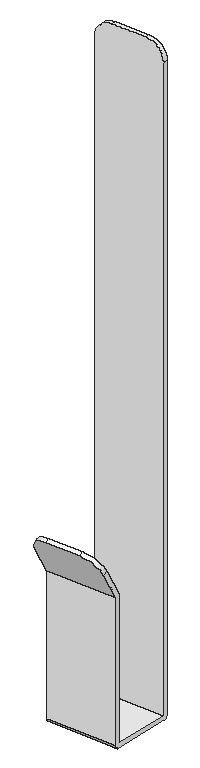
Revit family "Haworth_BuzziDesk_FlipFlop_WallFix", category Furniture, Revit 2018
Family settings
  OmniClass Number = 23.40.70.14.64.21
  OmniClass Title = Systems Furniture
  Work Plane-Based = No
  Always vertical = Yes
  Cut with Voids When Loaded = No
  Shared = No
  Room Calculation Point = No
Parameters (values of type "BuzziDesk - Flipflop - Wall Fix")
  Warranty = "http://www.haworth.com/resources/product-info/warranties"
  URL - Product = "https://www.haworth.com/products/workspaces/accessories/buzzidesk-flip-flop"
  URL = "http://www.haworth.com/our-brands/haworth-collection"
  Size = "Verify Final Dim. w/ Haworth"  # constant formula
  Revision Number = "1"  # constant formula
  Paint Finish [instance] = Haworth _ Paint _ White BTR-9010
  Model = "Haworth BuzziDesk"  # constant formula
  Manufacturer = "Haworth"  # constant formula
  Description = "Haworth BuzziDesk - Flipflop - Wall Fix"
  Author = "Haworth (Abd Rahman)"  # constant formula
  Assembly Code = "E2020200"
  Actual Width = 1 31/32"  # constant formula
  Actual Height = 17 47/128"  # constant formula
  Actual Depth = 2 205/256"  # constant formula
Reference planes (in)
  plane 1 "Center F/B": y = -4.97182
  plane 2: z = 0
  plane 3 "Back": y = -3.57143
  plane 4 "Front": y = -6.37221
  plane 5: x = 22.46518
  plane 6: z = 17.36719
  plane 7: x = 21.4808
  plane 8 "R1": x = 23.44955
  plane 9 "Angle 1": through (480, -6.44284, 5.20955) normal (0, 0.8717, 0.4901)
Forms (in)
  Extrusion 1, solid, material "Haworth _ Paint _ White BTR-9010" <- "Paint Finish"
    sketch origin (23.44955, 0, 0) x (0, -1, 0) y (0, 0, 1)
      loop
        arc (3.88143, 0.10291) -> (3.91157, 0.03014) -> (3.98434, 0) r 0.10291
        line (3.98434, 0) -> (5.61033, 0)
        arc (5.61033, 0) -> (5.68179, 0.0296) -> (5.7114, 0.10107) r 0.10107
        line (5.7114, 0.10107) -> (5.7114, 3.90858) -> (5.5914, 3.94) -> (5.5914, 0.12) -> (4.00143, 0.12) -> (4.00143, 17.36711) -> (3.88143, 17.36711) -> (3.88143, 0.10291)
    from 0 to 1.96875
  Extrusion 2, solid
    sketch origin (0, -3.57133, 0) x (-1, 0, 0) y (0, 0, 1)
      loop
        line (-21.98018, 16.64875) -> (-22.95018, 16.64875) -> (-22.95018, 4.36862) -> (-21.98018, 4.36862) -> (-21.98018, 16.64875)
    from 0 to -0.31
  Extrusion 3, void
    sketch origin (0, -3.57143, 0) x (-1, 0, 0) y (0, 0, 1)
      loop
        arc (-21.98018, 17.36711) -> (-21.62707, 17.22085) -> (-21.4808, 16.86773) r 0.49937
        line (-21.4808, 16.86773) -> (-21.02807, 16.86773) -> (-21.02807, 17.815) -> (-23.77682, 17.815) -> (-23.77682, 16.86773) -> (-23.44955, 16.86773)
        arc (-23.44955, 16.86773) -> (-23.30329, 17.22085) -> (-22.95018, 17.36711) r 0.49937
        line (-22.95018, 17.36711) -> (-21.98018, 17.36711)
    from -2.02007 to 1.341
  Extrusion 4, solid, material "Haworth _ Paint _ White BTR-9010" <- "Paint Finish"
    sketch origin (0, -2.66991, -1.5011) x (0, -0.490083, 0.871676) y (1, 0, 0)
      loop
        arc (7.55415, 22.95018) -> (7.40789, 23.30329) -> (7.05478, 23.44955) r 0.49937
        line (7.05478, 23.44955) -> (6.17489, 23.44955) -> (6.17489, 21.4808) -> (7.05478, 21.4808)
        arc (7.05478, 21.4808) -> (7.40789, 21.62707) -> (7.55415, 21.98018) r 0.49937
        line (7.55415, 21.98018) -> (7.55415, 22.95018)
    from 0 to 0.12
Cuts and joins
  Extrusion 3 cuts Extrusion 1
  joined: Extrusion 1, Extrusion 4
Lines and regions (in)
  Masking region 1
    outline origin (0, 0, 0) x (1, 0, 0) y (0, 1, 0)
      loop
        line (23.44955, -6.12733) -> (23.44955, -3.88143) -> (22.95018, -3.88143) -> (22.95018, -3.57133) -> (21.98018, -3.57133) -> (21.98018, -3.88143) -> (21.4808, -3.88143) -> (21.4808, -6.12733)
        spline (21.4808, -6.12733) -> (21.48507, -6.15928) -> (21.49782, -6.19067) -> (21.51882, -6.22099) -> (21.54771, -6.2497) -> (21.584, -6.27632) -> (21.62707, -6.30039) -> (21.67618, -6.32149) -> (21.73049, -6.33928) -> (21.78907, -6.35344) -> (21.85093, -6.36373) -> (21.915, -6.36997) -> (21.98018, -6.37207)
        line (21.98018, -6.37207) -> (22.95018, -6.37207)
        spline (22.95018, -6.37207) -> (23.01536, -6.36997) -> (23.07943, -6.36373) -> (23.14128, -6.35344) -> (23.19987, -6.33928) -> (23.25418, -6.32149) -> (23.30329, -6.30039) -> (23.34636, -6.27632) -> (23.38265, -6.2497) -> (23.41154, -6.22099) -> (23.43254, -6.19067) -> (23.44528, -6.15928) -> (23.44955, -6.12733)
  symbolic lines
    curve 1: line (23.44955, -3.88143, 0) -> (21.4808, -3.88143, 0)
    curve 2: line (21.98018, -6.26747, 0) -> (22.95018, -6.26747, 0)
    curve 3: spline (22.95018, -6.26747, 0) -> (23.01536, -6.26537, 0) -> (23.07943, -6.25913, 0) -> (23.14128, -6.24884, 0) -> (23.19987, -6.23468, 0) -> (23.25418, -6.21689, 0) -> (23.30329, -6.19579, 0) -> (23.34636, -6.17172, 0) -> (23.38265, -6.1451, 0) -> (23.41154, -6.11639, 0) -> (23.43254, -6.08607, 0) -> (23.44528, -6.05468, 0) -> (23.44955, -6.02273, 0)
    curve 4: spline (21.4808, -6.02273, 0) -> (21.48507, -6.05468, 0) -> (21.49782, -6.08607, 0) -> (21.51882, -6.11639, 0) -> (21.54771, -6.1451, 0) -> (21.584, -6.17172, 0) -> (21.62707, -6.19579, 0) -> (21.67618, -6.21689, 0) -> (21.73049, -6.23468, 0) -> (21.78907, -6.24884, 0) -> (21.85093, -6.25913, 0) -> (21.915, -6.26537, 0) -> (21.98018, -6.26747, 0)
Dimensions and locks (in)
  "Actual Height": plane 6 to level
  equal spacing: plane 3 "Back", plane 1 "Center F/B", plane 4 "Front"
  "Actual Depth": plane 4 "Front" to plane 3 "Back"
  equal spacing: plane 7, plane 5, plane 8 "R1"
  "Actual Width": plane 7 to plane 8 "R1"
  aligned and locked: plane 7 to Extrusion 1
  aligned and locked: Extrusion 1 to plane 8 "R1"
Automatic sketch dimensions
  Extrusion 1 sketch curve to level = 0"
  level to Extrusion 1 sketch curve = 0.10291"
  Extrusion 1 sketch curve to plane 3 "Back" = 0.31"
  Extrusion 1 sketch curve to Extrusion 1 sketch curve = 0.01709"
  level to Extrusion 1 sketch curve = 0.12"
  plane 1 "Center F/B" to Extrusion 1 sketch curve = 0.61958"
  Extrusion 1 sketch curve to Extrusion 1 sketch curve = 0.01893"
  level to Extrusion 1 sketch curve = 0.10107"
  Extrusion 1 sketch curve to Extrusion 1 sketch curve = 3.78858"
  Extrusion 1 sketch curve to Extrusion 1 sketch curve = 0.03142"
  Extrusion 1 sketch curve to plane 6 = 0.00008"
  plane 5 to Extrusion 2 sketch curve = 0.485"
  Extrusion 2 sketch curve to plane 6 = 0.71843"
  Extrusion 2 sketch curve to plane 5 = 0.485"
  level to Extrusion 2 sketch curve = 4.36862"
  plane 8 "R1" to Extrusion 3 sketch curve = 0"
  Extrusion 3 sketch curve to plane 8 "R1" = 0.32726"
  Extrusion 3 sketch curve to plane 5 = 0.485"
  Extrusion 3 sketch curve to plane 6 = 0.00008"
  plane 5 to Extrusion 3 sketch curve = 0.485"
  plane 7 to Extrusion 3 sketch curve = 0.45274"
  plane 6 to Extrusion 3 sketch curve = 0.44781"
  plane 7 to Extrusion 3 sketch curve = 0"
  Extrusion 4 sketch curve to plane 8 "R1" = 0"
  Extrusion 4 sketch curve to plane 7 = 0"
  Extrusion 4 sketch curve to Extrusion 4 sketch curve = 0"
  plane 5 to Extrusion 4 sketch curve = 0.485"
  Extrusion 4 sketch curve to Extrusion 4 sketch curve = 0.87988"
  Masking region 1 sketch curve to plane 8 "R1" = 0"
  Masking region 1 sketch curve to plane 4 "Front" = 0.24488"
  Masking region 1 sketch curve to plane 4 "Front" = 0.00014"
  Masking region 1 sketch curve to plane 5 = 0.485"  (x2)
  plane 5 to Masking region 1 sketch curve = 0.485"  (x2)
  Masking region 1 sketch curve to plane 7 = 0"
  Masking region 1 sketch curve to Masking region 1 sketch curve = 0.24473"
  plane 3 "Back" to Masking region 1 sketch curve = 0.0001"
  Masking region 1 sketch curve to plane 3 "Back" = 0.31"  (x2)
  curve 1 to plane 7 = 0"
  curve 1 to plane 8 "R1" = 0"
  curve 1 to plane 3 "Back" = 0.31"
  curve 3 to plane 8 "R1" = 0"
  curve 2 to plane 4 "Front" = 0.10474"
  curve 2 to plane 5 = 0.485"
  plane 5 to curve 2 = 0.485"
  curve 3 to curve 3 = 0.24473"
  curve 4 to plane 7 = 0"
  curve 2 to curve 4 = 0.24473"
